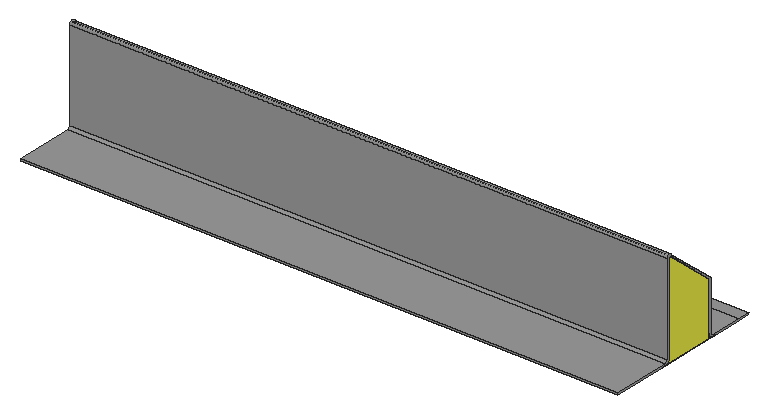
Revit family "HD K 110 WIL", category Generic Models, Revit 2014
Parameters (values of type "Max lintel length 2700mm")
  URL = "http://www.keystonelintels.co.uk"
  Structural Opening [instance] = 900 mm
  Structural Performance = "The Keystone lintel range has safe working loads as detailed in each applicable loading table in the Keystone Lintel Guide brochure. The structural performance figures within each table have been ascertained by testing in accordance with the requirements of standards BS EN 5977-2: 1983 and BS EN 845-2: 2003."
  RIBA Productor Selector = "available for Keystone Lintels Ltd from Keystone Lintels Ltd from ribaproductselector.com"
  Model = "HD/K 110 WIL"
  Min Length = 600 mm
  Min Clear Span = 300 mm
  Max Length = 4800 mm
  Max Clear Span = 4800 mm
  Material - Stainless Steel = "Grade 304 2b 1.4307 to BS EN 10088-2. Other grades available on request: contact manufacturer."
  Material - Galvanised Steel = "To BS EN 10346: 2009. DX51D plus Z600 or grade Z275 to BS 5977-2: 1983 (BS EN 845-2: 2003)."
  Manufacturer = "Keystone"
  Manufactured Length [instance] = (roundup(Effective Length / 150 mm) * 150 mm)  # 1200 mm
  Lintel height [instance] = 2100 mm
  Keynote = "F30/755"
  Fire Performance = "Keystone lintels have been subjected to a fire test (WARRES No. 101263) in accordance with BS 476-20: 1987, at Exova Warrington Fire and achieved a one hour fire performance."
  End Bearing = 150 mm
  Effective Length [instance] = Clear Opening with MIN MAX set + End Bearing * 2  # 1200 mm
  Corrosion = "Keystone’s standard range of lintels are manufactured from high quality grade pre-galvanized carbon steel with a zinc coating of 600"
  Contact Tel = "+44 (0)28 8676 2184"
  Contact Email = "info@keystonelintels.co.uk"
  Clear Opening with MIN MAX set [instance] = if(Structural Opening < Min Clear Span, Min Clear Span, (if(Structural Opening > Max Clear Span, Max Clear Span, Structural Opening)))  # 900 mm
  CPD Information = "Available for Keystone Lintels Ltd from ribacpd.com"
Reference planes
  plane 1 "Center (Front/Back)": y = 0
  plane 2: z = 0
  plane 3 "Center (Left/Right)": x = 0
  plane 4: x = -600
  plane 5: x = 600
  plane 6: z = 2100
  plane 7: x = -450
  plane 8: x = 450
Forms (mm)
  Extrusion 1, solid, material "Steel"
    sketch origin (0, 698.49, -513.241) x (0, 1, 0) y (0, 0, 1)
      loop
        line (-553.096, 2612.381) -> (-552.986, 2615.579) -> (-577.986, 2616.441) -> (-642.986, 2616.441)
        arc (-642.986, 2616.441) -> (-646.522, 2617.906) -> (-647.986, 2621.441) r 5
        line (-647.986, 2621.441) -> (-647.986, 2720.44)
        arc (-647.986, 2720.44) -> (-648.45, 2722.542) -> (-649.754, 2724.255) r 5
        line (-649.754, 2724.255) -> (-747.226, 2806.832)
        arc (-747.226, 2806.832) -> (-752.851, 2807.813) -> (-755.986, 2803.041) r 5.2
        line (-755.986, 2803.041) -> (-755.986, 2621.441)
        arc (-755.986, 2621.441) -> (-757.451, 2617.906) -> (-760.986, 2616.441) r 5
        line (-760.986, 2616.441) -> (-880.986, 2616.441) -> (-880.986, 2613.241) -> (-760.986, 2613.241)
        arc (-760.986, 2613.241) -> (-755.188, 2615.643) -> (-752.786, 2621.441) r 8.2
        line (-752.786, 2621.441) -> (-752.786, 2803.041)
        arc (-752.786, 2803.041) -> (-751.552, 2804.889) -> (-749.372, 2804.455) r 2
        line (-749.372, 2804.455) -> (-651.893, 2721.873)
        arc (-651.893, 2721.873) -> (-651.372, 2721.188) -> (-651.186, 2720.347) r 2
        line (-651.186, 2720.347) -> (-651.186, 2621.441)
        arc (-651.186, 2621.441) -> (-648.784, 2615.643) -> (-642.986, 2613.241) r 8.2
        line (-642.986, 2613.241) -> (-578.041, 2613.241) -> (-553.096, 2612.381)
    from -600 to 600
  Extrusion 2, solid, material "Steel"
    sketch origin (0, 698.49, -513.241) x (0, 1, 0) y (0, 0, 1)
      loop
        line (-769.486, 2612.241) -> (-634.486, 2612.241) -> (-634.486, 2613.241) -> (-651.486, 2613.241) -> (-651.486, 2621.241) -> (-652.486, 2621.241) -> (-652.486, 2613.241) -> (-769.486, 2613.241) -> (-769.486, 2612.241)
    from -600 to 600
  Extrusion 3, solid, material "Insulation"
    sketch origin (0, 698.49, -513.241) x (0, 1, 0) y (0, 0, 1)
      loop
        arc (-642.986, 2613.241) -> (-648.784, 2615.643) -> (-651.186, 2621.441) r 8.2
        line (-651.186, 2621.441) -> (-651.186, 2720.347)
        arc (-651.186, 2720.347) -> (-651.372, 2721.188) -> (-651.893, 2721.873) r 2
        line (-651.893, 2721.873) -> (-749.372, 2804.455)
        arc (-749.372, 2804.455) -> (-751.552, 2804.889) -> (-752.786, 2803.041) r 2
        line (-752.786, 2803.041) -> (-752.786, 2621.441)
        arc (-752.786, 2621.441) -> (-755.188, 2615.643) -> (-760.986, 2613.241) r 8.2
        line (-760.986, 2613.241) -> (-652.486, 2613.241) -> (-652.486, 2621.241) -> (-651.486, 2621.241) -> (-651.486, 2613.241) -> (-642.986, 2613.241)
    from -600 to 600
  Extrusion 4, solid, not visible
    sketch origin (0, 959.619, 1257.936) x (0, 1, 0) y (0, 0, 1)
      loop
        line (-553.096, 1012.381) -> (-552.986, 1015.579) -> (-577.986, 1016.441) -> (-642.986, 1016.441)
        arc (-642.986, 1016.441) -> (-646.522, 1017.906) -> (-647.986, 1021.441) r 5
        line (-647.986, 1021.441) -> (-647.986, 1120.44)
        arc (-647.986, 1120.44) -> (-648.45, 1122.542) -> (-649.754, 1124.255) r 5
        line (-649.754, 1124.255) -> (-747.226, 1206.832)
        arc (-747.226, 1206.832) -> (-752.851, 1207.813) -> (-755.986, 1203.041) r 5.2
        line (-755.986, 1203.041) -> (-755.986, 1021.441)
        arc (-755.986, 1021.441) -> (-757.451, 1017.906) -> (-760.986, 1016.441) r 5
        line (-760.986, 1016.441) -> (-880.986, 1016.441) -> (-880.986, 1013.241) -> (-760.986, 1013.241)
        arc (-760.986, 1013.241) -> (-755.188, 1015.643) -> (-752.786, 1021.441) r 8.2
        line (-752.786, 1021.441) -> (-752.786, 1203.041)
        arc (-752.786, 1203.041) -> (-751.552, 1204.889) -> (-749.372, 1204.455) r 2
        line (-749.372, 1204.455) -> (-651.893, 1121.873)
        arc (-651.893, 1121.873) -> (-651.372, 1121.188) -> (-651.186, 1120.347) r 2
        line (-651.186, 1120.347) -> (-651.186, 1021.441)
        arc (-651.186, 1021.441) -> (-648.784, 1015.643) -> (-642.986, 1013.241) r 8.2
        line (-642.986, 1013.241) -> (-578.041, 1013.241) -> (-553.096, 1012.381)
    from 0 to 250
  Extrusion 5, solid, not visible
    sketch origin (0, 510.072, 1305.82) x (0, 1, 0) y (0, 0, 1)
      loop
        arc (-642.986, 1013.241) -> (-648.784, 1015.643) -> (-651.186, 1021.441) r 8.2
        line (-651.186, 1021.441) -> (-651.186, 1120.347)
        arc (-651.186, 1120.347) -> (-651.372, 1121.188) -> (-651.893, 1121.873) r 2
        line (-651.893, 1121.873) -> (-749.372, 1204.455)
        arc (-749.372, 1204.455) -> (-751.552, 1204.889) -> (-752.786, 1203.041) r 2
        line (-752.786, 1203.041) -> (-752.786, 1021.441)
        arc (-752.786, 1021.441) -> (-755.188, 1015.643) -> (-760.986, 1013.241) r 8.2
        line (-760.986, 1013.241) -> (-652.486, 1013.241) -> (-652.486, 1021.241) -> (-651.486, 1021.241) -> (-651.486, 1013.241) -> (-642.986, 1013.241)
    from 0 to 250
  Extrusion 6, solid, not visible
    sketch origin (0, 916.612, 987.459) x (0, 1, 0) y (0, 0, 1)
      loop
        line (-769.486, 1012.241) -> (-634.486, 1012.241) -> (-634.486, 1013.241) -> (-651.486, 1013.241) -> (-651.486, 1021.241) -> (-652.486, 1021.241) -> (-652.486, 1013.241) -> (-769.486, 1013.241) -> (-769.486, 1012.241)
    from 0 to 250
Dimensions and locks
  equal spacing: plane 4, plane 3 "Center (Left/Right)", plane 5
  "Manufactured Length": plane 4 to plane 5
  "Lintel height": plane 6 to level
  "Structural Opening": plane 7 to plane 8
  equal spacing: plane 7, plane 3 "Center (Left/Right)", plane 8
  aligned and locked: level to plane 2
  aligned and locked: Extrusion 1 to plane 6
  aligned and locked: Extrusion 3 to plane 6
  aligned and locked: plane 6 to Extrusion 2
  aligned and locked: plane 5 to Extrusion 1
  aligned and locked: Extrusion 1 to plane 4
  aligned and locked: plane 5 to Extrusion 3
  aligned and locked: Extrusion 3 to plane 4
  aligned and locked: plane 5 to Extrusion 2
  aligned and locked: Extrusion 2 to plane 4
Automatic sketch dimensions
  Extrusion 1 sketch curve to Extrusion 1 sketch curve = 24.945 mm
  Extrusion 1 sketch curve to Extrusion 1 sketch curve = 0.11 mm
  Extrusion 1 sketch curve to Extrusion 1 sketch curve = 0.86 mm
  Extrusion 1 sketch curve to Extrusion 1 sketch curve = 0.055 mm
  Extrusion 1 sketch curve to Extrusion 1 sketch curve = 64.945 mm
  Extrusion 1 sketch curve to Extrusion 1 sketch curve = 5 mm  (x2)
  Extrusion 1 sketch curve to Extrusion 1 sketch curve = 98.999 mm
  Extrusion 1 sketch curve to Extrusion 1 sketch curve = 0.093 mm
  Extrusion 1 sketch curve to Extrusion 1 sketch curve = 2 mm
  Extrusion 1 sketch curve to Extrusion 1 sketch curve = 0.707 mm
  Extrusion 1 sketch curve to Extrusion 1 sketch curve = 97.479 mm
  Extrusion 1 sketch curve to Extrusion 1 sketch curve = 82.582 mm
  Extrusion 1 sketch curve to Extrusion 1 sketch curve = 0.2 mm
  Extrusion 1 sketch curve to Extrusion 1 sketch curve = 2.139 mm
  Extrusion 1 sketch curve to Extrusion 1 sketch curve = 2.146 mm
  Extrusion 1 sketch curve to Extrusion 1 sketch curve = 2.376 mm
  Extrusion 1 sketch curve to Extrusion 1 sketch curve = 1.414 mm  (x2)
  Extrusion 1 sketch curve to Extrusion 1 sketch curve = 0 mm  (x13)
  Extrusion 1 sketch curve to Extrusion 1 sketch curve = 120 mm
  Extrusion 2 sketch curve to Extrusion 2 sketch curve = 135 mm
  Extrusion 2 sketch curve to Extrusion 2 sketch curve = 1 mm  (x2)
  Extrusion 2 sketch curve to Extrusion 2 sketch curve = 17 mm
  Extrusion 2 sketch curve to Extrusion 2 sketch curve = 8 mm
  Extrusion 2 sketch curve to Extrusion 2 sketch curve = 0 mm
  Extrusion 3 sketch curve to Extrusion 3 sketch curve = 0.3 mm
  Extrusion 3 sketch curve to Extrusion 3 sketch curve = 0 mm  (x3)
  Extrusion 3 sketch curve to Extrusion 3 sketch curve = 8.2 mm  (x3)
  Extrusion 3 sketch curve to Extrusion 3 sketch curve = 0.2 mm
  Extrusion 3 sketch curve to Extrusion 3 sketch curve = 1 mm
  Extrusion 3 sketch curve to Extrusion 3 sketch curve = 98.906 mm
  Extrusion 3 sketch curve to Extrusion 3 sketch curve = 108.5 mm
  Extrusion 3 sketch curve to Extrusion 3 sketch curve = 82.694 mm
  Extrusion 3 sketch curve to Extrusion 3 sketch curve = 2 mm
  Extrusion 3 sketch curve to Extrusion 3 sketch curve = 0.707 mm
  Extrusion 3 sketch curve to Extrusion 3 sketch curve = 3.414 mm
  Extrusion 3 sketch curve to Extrusion 3 sketch curve = 1.414 mm
  Extrusion 3 sketch curve to Extrusion 3 sketch curve = 8 mm
  Extrusion 4 sketch curve to Extrusion 4 sketch curve = 24.945 mm
  Extrusion 4 sketch curve to Extrusion 4 sketch curve = 0.11 mm
  Extrusion 4 sketch curve to Extrusion 4 sketch curve = 0.86 mm
  Extrusion 4 sketch curve to Extrusion 4 sketch curve = 0.055 mm
  Extrusion 4 sketch curve to Extrusion 4 sketch curve = 64.945 mm
  Extrusion 4 sketch curve to Extrusion 4 sketch curve = 5 mm  (x2)
  Extrusion 4 sketch curve to Extrusion 4 sketch curve = 0 mm  (x13)
  Extrusion 4 sketch curve to Extrusion 4 sketch curve = 98.999 mm
  Extrusion 4 sketch curve to Extrusion 4 sketch curve = 0.093 mm
  Extrusion 4 sketch curve to Extrusion 4 sketch curve = 2 mm
  Extrusion 4 sketch curve to Extrusion 4 sketch curve = 0.707 mm
  Extrusion 4 sketch curve to Extrusion 4 sketch curve = 97.479 mm
  Extrusion 4 sketch curve to Extrusion 4 sketch curve = 82.582 mm
  Extrusion 4 sketch curve to Extrusion 4 sketch curve = 0.2 mm
  Extrusion 4 sketch curve to Extrusion 4 sketch curve = 2.139 mm
  Extrusion 4 sketch curve to Extrusion 4 sketch curve = 2.146 mm
  Extrusion 4 sketch curve to Extrusion 4 sketch curve = 2.376 mm
  Extrusion 4 sketch curve to Extrusion 4 sketch curve = 1.414 mm  (x2)
  Extrusion 4 sketch curve to Extrusion 4 sketch curve = 120 mm
  Extrusion 5 sketch curve to Extrusion 5 sketch curve = 0.3 mm
  Extrusion 5 sketch curve to Extrusion 5 sketch curve = 0 mm  (x3)
  Extrusion 5 sketch curve to Extrusion 5 sketch curve = 8.2 mm  (x3)
  Extrusion 5 sketch curve to Extrusion 5 sketch curve = 0.2 mm
  Extrusion 5 sketch curve to Extrusion 5 sketch curve = 1 mm
  Extrusion 5 sketch curve to Extrusion 5 sketch curve = 98.906 mm
  Extrusion 5 sketch curve to Extrusion 5 sketch curve = 108.5 mm
  Extrusion 5 sketch curve to Extrusion 5 sketch curve = 82.694 mm
  Extrusion 5 sketch curve to Extrusion 5 sketch curve = 2 mm
  Extrusion 5 sketch curve to Extrusion 5 sketch curve = 0.707 mm
  Extrusion 5 sketch curve to Extrusion 5 sketch curve = 3.414 mm
  Extrusion 5 sketch curve to Extrusion 5 sketch curve = 1.414 mm
  Extrusion 5 sketch curve to Extrusion 5 sketch curve = 8 mm
  Extrusion 6 sketch curve to Extrusion 6 sketch curve = 135 mm
  Extrusion 6 sketch curve to Extrusion 6 sketch curve = 1 mm  (x2)
  Extrusion 6 sketch curve to Extrusion 6 sketch curve = 17 mm
  Extrusion 6 sketch curve to Extrusion 6 sketch curve = 8 mm
  Extrusion 6 sketch curve to Extrusion 6 sketch curve = 0 mm
  Extrusion 3 sketch curve to plane 6 = 0 mm
  plane 1 "Center (Front/Back)" to Extrusion 3 sketch curve = 62.496 mm
  Extrusion 1 sketch curve to plane 6 = 0 mm
  plane 1 "Center (Front/Back)" to Extrusion 1 sketch curve = 182.496 mm
  Extrusion 2 sketch curve to plane 6 = 0 mm
  plane 1 "Center (Front/Back)" to Extrusion 2 sketch curve = 70.996 mm
